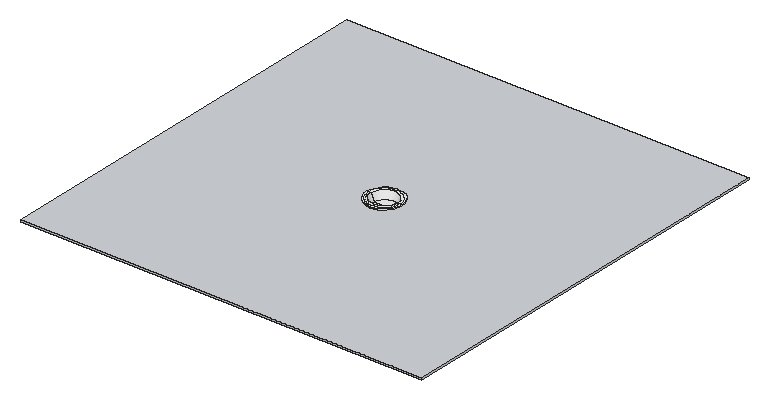
Revit family "Thorn CETUS3 L", category Lighting Fixtures, host Face, Revit 2016
Family settings
  Host = Face
  Part Type = Normal
  Round Connector Dimension = Use Diameter
  OmniClass Number = 23.80.70.11
  OmniClass Title = Luminaries for Internal Lighting
  Cut with Voids When Loaded = No
  Light Source = Yes
  Shared = No
  Room Calculation Point = No
Parameters (values of type "CETUS3 L 1000-840 HF RWH")
  Width = 248 mm  # constant formula
  Wattage Comments = ""
  Wattage = 7.6746 W
  built-in parameter 1150110 = 1 (stored number, unit not read)
  Voltage = 230 V
  URL = "www.thornlighting.com/96634891"
  Type Comments = "© Thorn. We reserve the right to make technical changes without prior notice."  # constant formula
  built-in parameter 1114217 = 1 (stored number, unit not read)
  Tilt Angle = -90.00°
  built-in parameter 1150109 = 1 (stored number, unit not read)
  built-in parameter 1150134 = 12
  built-in parameter 1150113 = 1 (stored number, unit not read)
  Photometric Web File = "96634891_(STD).IES"
  Model = "96634891"
  Manufacturer = "Thorn Lighting"  # constant formula
  built-in parameter 1150105 = 90.718 (stored number, unit not read)
  Lumens = 1140 lm
  built-in parameter 1150115 = 1 (stored number, unit not read)
  built-in parameter 1150137 = (empty or 0)
  built-in parameter 1150139 = (empty or 0)
  Length = 248 mm  # constant formula
  built-in parameter 1150112 = 1 (stored number, unit not read)
  built-in parameter 1150114 = 1 (stored number, unit not read)
  Lamp = "LED"
  built-in parameter 1150132 = 2
  built-in parameter 1150102 = (empty or 0)
  built-in parameter 1150107 = 4000 (stored number, unit not read)
  built-in parameter 1150138 = (empty or 0)
  built-in parameter 1150106 = 0.90718 (stored number, unit not read)
  Height = 100 mm  # constant formula
  Emit from Circle Diameter = Length - 64 mm  # 184 mm
  Emit Shape Visible in Rendering = no
  built-in parameter 1150104 = 13.8 (stored number, unit not read)
  Dimming Lamp Color Temperature Shift = <None>
  Description = "Recessed LED luminaire"  # constant formula
  Default Elevation = 0 mm
  Color Filter = 16777215
  Body = Thorn_Metal_White
  built-in parameter 1114218 = 1 (stored number, unit not read)
  built-in parameter 1150133 = 10 (stored number, unit not read)
  Assembly Code = "D5020200"
  Apparent Load = 7.7 VA
Reference planes
  plane 1 "Center (Front/Back)": y = 0
  plane 2 "Top": z = 0
  plane 3 "Center (Left/Right)": x = 399.5
  plane 4: z = -95
  plane 5: z = 5
Forms (mm)
  Extrusion 1, solid
    sketch origin (0, 0, 0) x (1, 0, 0) y (0, 1, 0)
      loop
        line (-1010.5, 1431.145) -> (-1010.5, -1431.145) -> (1809.5, -1431.145) -> (1809.5, 1431.145) -> (-1010.5, 1431.145)
    from 0 to -14
  Extrusion 2, void
    sketch origin (0, 0, 0) x (1, 0, 0) y (0, 1, 0)
      loop
        circle (399.5, 0) r 105
    from 0 to -100
  Revolve 3, solid, material "Thorn_Metal_White" <- "Body"
    sketch origin (0, 0, 0) x (1, 0, 0) y (0, 0, 1)
      loop
        line (275.5, 3.058) -> (275.5, 0) -> (305.5, 0)
        arc (305.5, 0) -> (318.225, -33.43) -> (334.178, -65.446) r 362.985
        line (334.178, -65.446) -> (327.479, -65.446) -> (330.065, -95) -> (399.5, -95) -> (399.5, -43.788) -> (326.284, -43.788)
        arc (326.284, -43.788) -> (315.78, -19.744) -> (307.055, 5) r 359.985
        line (307.055, 5) -> (288.663, 5) -> (275.5, 3.058)
      axis (399.5, 5) -> (399.5, -95)
    angle from 0 to 360
Dimensions and locks
  plane 5 to plane 2 "Top" = 5 mm
  plane 5 to plane 4 = 100 mm
  diameter of Extrusion 2 sketch curve = 210 mm
  aligned and locked: Extrusion 1 to plane 2 "Top"
  aligned and locked: imposter light to plane 1 "Center (Front/Back)"
  aligned and locked: imposter light to plane 3 "Center (Left/Right)"
  aligned and locked: plane 5 to imposter light
Connectors
  electrical at (399.5, 0, -95), driven by "Voltage", driven by "Apparent Load"
    settings: on Revolve 3, index 1, voltage 230 V, apparent load 7.7 VA, apparent load phase1 0 VA, apparent load phase2 0 VA, apparent load phase3 0 VA, power factor 1, load classification "Lighting", number of poles 1, system type 30, power factor state 1, is connector primary yes, connector utility no, sub classification motor no, connector description ""
